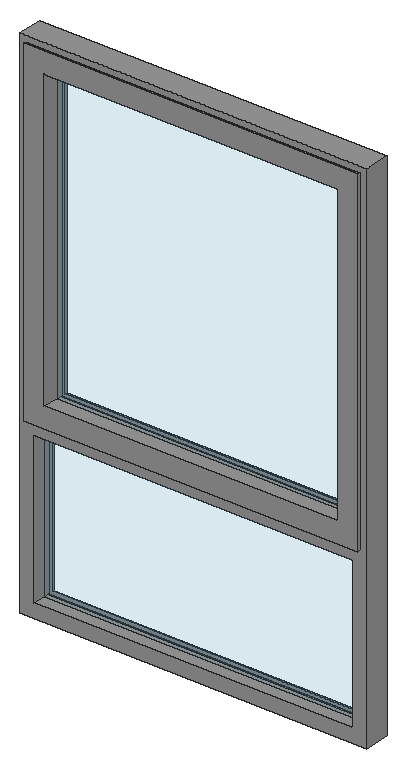
Revit family "Kawneer_Window_GT70s_Pos002", category Windows, host Wall, Revit 2020 (continued)
Definition of nested family "Kawneer_GT70s_Pos002"
  Definition of nested family "Kawneer_GT70s_Trans"
    Lines and regions (mm)
      model lines, in view "Ref. Level", detail levels fine
        curve 985: line (50.2, 33.921, 0) -> (50.2, 33.1, 0)
        curve 986: line (50, 32.9, 0) -> (49.119, 32.9, 0)
        curve 987: line (49.119, 32.9, 0) -> (47.958, 33.381, 0)
        curve 988: line (47.958, 33.381, 0) -> (47.073, 31.75, 0)
        curve 989: line (46.601, 32.655, 0) -> (46.136, 31.85, 0)
        curve 990: line (44.701, 30.609, 0) -> (44.701, 25.85, 0)
        curve 991: line (43.201, 24.35, 0) -> (24.701, 24.35, 0)
        curve 992: line (22.696, 7.636, 0) -> (25.084, 10.025, 0)
        curve 993: line (21.281, 7.138, 0) -> (20.076, 7.138, 0)
        curve 994: line (20.076, 7.138, 0) -> (20.92, 7.982, 0)
        curve 995: line (20.92, 7.982, 0) -> (21.281, 7.943, 0)
        curve 996: line (21.524, 8.586, 0) -> (22.629, 9.691, 0)
        curve 997: line (23.807, 10.869, 0) -> (25.718, 12.78, 0)
        curve 998: line (19.194, 8.378, 0) -> (20.662, 9.845, 0)
        curve 999: line (20.662, 9.845, 0) -> (21.897, 8.581, 0)
        curve 1000: line (21.897, 8.581, 0) -> (21.075, 8.593, 0)
        curve 1001: line (21.682, 10.865, 0) -> (22.41, 11.593, 0)
        curve 1002: line (22.41, 11.593, 0) -> (24.053, 13.237, 0)
        curve 1003: line (18.5, 7, 0) -> (21.219, 7.138, 0)
        curve 1004: line (21.219, 7.138, 0) -> (18.592, 9.897, 0)
        curve 1005: line (18.592, 9.897, 0) -> (18.773, 10.078, 0)
        curve 1006: line (19.771, 11.076, 0) -> (22.29, 13.595, 0)
        curve 1007: line (18.22, 11.645, 0) -> (21.385, 14.811, 0)
        curve 1008: line (19.085, 11.638, 0) -> (16.117, 11.665, 0)
        curve 1009: line (16.117, 11.665, 0) -> (21.612, 17.16, 0)
        curve 1010: line (16.893, 14.562, 0) -> (22.047, 19.715, 0)
        curve 1011: line (16.028, 11.899, 0) -> (17.915, 17.704, 0)
        curve 1012: line (17.915, 17.704, 0) -> (22.481, 22.271, 0)
        curve 1013: line (22.481, 22.271, 0) -> (24.385, 24.175, 0)
        curve 1014: line (19.268, 21.179, 0) -> (22.916, 24.827, 0)
        curve 1015: line (23.114, 25.025, 0) -> (24.385, 26.297, 0)
        curve 1016: line (24.385, 26.297, 0) -> (24.385, 23.344, 0)
        curve 1017: line (24.371, 23.077, 0) -> (22.873, 24.575, 0)
        curve 1018: line (22.873, 24.575, 0) -> (21.838, 25.87, 0)
        curve 1019: line (21.838, 25.87, 0) -> (23.339, 27.372, 0)
        curve 1020: line (22.373, 26.667, 0) -> (22.59, 26.98, 0)
        curve 1021: line (22.59, 26.98, 0) -> (24.385, 25.184, 0)
        curve 1022: line (20.929, 24.398, 0) -> (22.565, 22.762, 0)
        curve 1023: line (22.565, 22.762, 0) -> (23.701, 21.626, 0)
        curve 1024: line (20.173, 23.033, 0) -> (22.257, 20.949, 0)
        curve 1025: line (19.469, 21.616, 0) -> (21.948, 19.136, 0)
        curve 1026: line (18.82, 20.144, 0) -> (21.64, 17.323, 0)
        curve 1027: line (18.228, 18.614, 0) -> (21.332, 15.51, 0)
        curve 1028: line (21.332, 15.51, 0) -> (23.052, 25.63, 0)
        curve 1029: line (23.562, 13.28, 0) -> (24.499, 12.343, 0)
        curve 1030: line (24.499, 12.343, 0) -> (25.254, 11.588, 0)
        curve 1031: line (17.694, 17.026, 0) -> (22.938, 11.783, 0)
        curve 1032: line (22.938, 11.783, 0) -> (23.937, 10.784, 0)
        curve 1033: line (23.937, 10.784, 0) -> (25.339, 9.381, 0)
        curve 1034: line (17.174, 15.425, 0) -> (21.377, 11.223, 0)
        curve 1035: line (21.377, 11.223, 0) -> (22.425, 10.174, 0)
        curve 1036: line (22.425, 10.174, 0) -> (22.416, 10.607, 0)
        curve 1037: line (23.281, 9.318, 0) -> (24.539, 8.06, 0)
        curve 1038: line (19.752, 10.725, 0) -> (20.421, 10.057, 0)
        curve 1039: line (22.286, 8.192, 0) -> (23.077, 7.401, 0)
        curve 1040: line (16.133, 12.223, 0) -> (16.719, 11.638, 0)
        curve 1041: line (23.816, 10.607, 0) -> (23.816, 9.817, 0)
        curve 1042: line (22.916, 11.107, 0) -> (23.316, 11.107, 0)
        curve 1043: line (20.854, 11.107, 0) -> (21.254, 11.107, 0)
        curve 1044: line (21.754, 10.607, 0) -> (21.754, 10.307, 0)
        curve 1045: line (21.254, 9.807, 0) -> (20.854, 9.807, 0)
        curve 1046: line (20.354, 10.307, 0) -> (20.354, 10.607, 0)
        curve 1047: line (24.155, 7.425, 0) -> (25.475, 9.605, 0)
        curve 1048: line (25.475, 9.605, 0) -> (25.475, 9.927, 0)
        curve 1049: line (25.475, 9.927, 0) -> (24.781, 10.254, 0)
        curve 1050: line (24.692, 13.181, 0) -> (23.147, 13.316, 0)
        curve 1051: line (23.223, 25.578, 0) -> (22.47, 21.754, 0)
        curve 1052: line (19.132, 10.239, 0) -> (18.592, 9.996, 0)
        curve 1053: line (18.592, 9.996, 0) -> (18.592, 9.461, 0)
        curve 1054: line (18.592, 9.461, 0) -> (19.801, 7.288, 0)
        curve 1055: line (23.666, 7.281, 0) -> (23.898, 7.281, 0)
        curve 1056: line (74.287, 5.645, 0) -> (76.029, 7.386, 0)
        curve 1057: line (72.574, 6.053, 0) -> (73.145, 6.624, 0)
        curve 1058: line (75.029, 8.508, 0) -> (75.363, 8.842, 0)
        curve 1059: line (75.363, 8.842, 0) -> (75.929, 9.408, 0)
        curve 1060: line (75.929, 9.408, 0) -> (75.029, 10.224, 0)
        curve 1061: line (76.847, 10.325, 0) -> (77.934, 11.413, 0)
        curve 1062: line (72.023, 7.624, 0) -> (72.883, 8.483, 0)
        curve 1063: line (72.883, 8.483, 0) -> (73.17, 8.77, 0)
        curve 1064: line (73.691, 7.17, 0) -> (74.816, 8.315, 0)
        curve 1065: line (74.816, 8.315, 0) -> (73.801, 9.401, 0)
        curve 1066: line (73.801, 9.401, 0) -> (74.638, 10.238, 0)
        curve 1067: line (75.029, 10.629, 0) -> (76.029, 11.629, 0)
        curve 1068: line (72.023, 9.745, 0) -> (73.916, 11.638, 0)
        curve 1069: line (74.914, 12.46, 0) -> (76.035, 11.339, 0)
        curve 1070: line (76.035, 11.339, 0) -> (77.068, 10.306, 0)
        curve 1071: line (77.629, 9.745, 0) -> (78.438, 8.935, 0)
        curve 1072: line (73.381, 11.871, 0) -> (73.913, 11.339, 0)
        curve 1073: line (74.097, 11.155, 0) -> (74.71, 10.542, 0)
        curve 1074: line (77.446, 9.202, 0) -> (76.146, 9.088, 0)
        curve 1075: line (76.228, 9.025, 0) -> (76.965, 8.288, 0)
        curve 1076: line (76.229, 8.288, 0) -> (77.329, 8.288, 0)
        curve 1077: line (77.329, 8.288, 0) -> (77.407, 7.845, 0)
        curve 1078: line (77.407, 7.845, 0) -> (77.56, 7.692, 0)
        curve 1079: line (72.212, 10.919, 0) -> (72.848, 10.283, 0)
        curve 1080: line (75.029, 8.102, 0) -> (76.029, 7.102, 0)
        curve 1081: line (72.023, 8.986, 0) -> (72.893, 8.117, 0)
        curve 1082: line (72.893, 8.117, 0) -> (73.896, 7.113, 0)
        curve 1083: line (74.555, 6.455, 0) -> (75.293, 5.717, 0)
        curve 1084: line (72.093, 6.796, 0) -> (73.158, 5.731, 0)
        curve 1085: line (77.629, 9.401, 0) -> (77.629, 10.074, 0)
        curve 1086: line (77.446, 10.273, 0) -> (76.146, 10.387, 0)
        curve 1087: line (75.929, 10.188, 0) -> (75.929, 9.288, 0)
        curve 1088: line (72.829, 7.77, 0) -> (72.829, 7.261, 0)
        curve 1089: line (75.029, 6.675, 0) -> (75.029, 10.868, 0)
        curve 1090: line (76.029, 12.788, 0) -> (76.029, 11.388, 0)
        curve 1091: line (76.229, 11.188, 0) -> (77.329, 11.188, 0)
        curve 1092: line (77.329, 11.188, 0) -> (77.406, 11.622, 0)
        curve 1093: line (77.776, 11.688, 0) -> (78.529, 10.383, 0)
        curve 1094: line (78.529, 10.383, 0) -> (78.529, 9.092, 0)
        curve 1095: line (78.529, 9.092, 0) -> (77.776, 7.788, 0)
        curve 1096: line (76.029, 8.088, 0) -> (76.029, 6.088, 0)
        curve 1097: line (72.023, 7.261, 0) -> (72.023, 10.131, 0)
        curve 1098: line (4.488, 18.898, 0) -> (3.988, 19.019, 0)
        curve 1099: line (3.988, 19.019, 0) -> (5.988, 21.019, 0)
        curve 1100: line (2.055, 21.328, 0) -> (2.642, 21.915, 0)
        curve 1101: line (2.642, 21.915, 0) -> (3.185, 22.458, 0)
        curve 1102: line (4.088, 22.598, 0) -> (4.088, 23.361, 0)
        curve 1103: line (4.088, 23.361, 0) -> (5.988, 25.261, 0)
        curve 1104: line (4, 25.395, 0) -> (5.988, 27.383, 0)
        curve 1105: line (5.988, 27.383, 0) -> (5.988, 20.398, 0)
        curve 1106: line (3.84, 27.356, 0) -> (5.201, 28.717, 0)
        curve 1107: line (1.59, 27.227, 0) -> (4.229, 29.866, 0)
        curve 1108: line (0.044, 27.802, 0) -> (1.128, 28.887, 0)
        curve 1109: line (5.988, 26.511, 0) -> (2.366, 30.124, 0)
        curve 1110: line (2.366, 30.124, 0) -> (4.441, 32.199, 0)
        curve 1111: line (4.441, 32.207, 0) -> (3.338, 33.404, 0)
        curve 1112: line (3.267, 33.147, 0) -> (4.652, 34.532, 0)
        curve 1113: line (4.652, 34.532, 0) -> (4.19, 29.433, 0)
        curve 1114: line (3.923, 34.94, 0) -> (4.626, 34.238, 0)
        curve 1115: line (2.883, 31.738, 0) -> (4.273, 30.348, 0)
        curve 1116: line (1.356, 29.022, 0) -> (3.034, 27.344, 0)
        curve 1117: line (0.161, 28.096, 0) -> (1.071, 27.185, 0)
        curve 1118: line (1.488, 22.883, 0) -> (3.007, 24.402, 0)
        curve 1119: line (2.888, 24.398, 0) -> (3.826, 24.431, 0)
        curve 1120: line (3.826, 24.431, 0) -> (5.988, 22.268, 0)
        curve 1121: line (1.793, 24.342, 0) -> (2.646, 23.49, 0)
        curve 1122: line (2.646, 23.49, 0) -> (3.871, 23.597, 0)
        curve 1123: line (2.571, 22.512, 0) -> (3.724, 22.411, 0)
        curve 1124: line (3.724, 22.411, 0) -> (5.97, 20.165, 0)
        curve 1125: line (1.488, 22.526, 0) -> (2.825, 21.189, 0)
        curve 1126: line (3.988, 20.026, 0) -> (5.019, 18.995, 0)
        curve 1127: line (2.388, 23.284, 0) -> (2.388, 22.711, 0)
        curve 1128: line (3.688, 21.598, 0) -> (2.888, 21.598, 0)
        curve 1129: line (2.888, 21.598, 0) -> (2.788, 20.948, 0)
        curve 1130: line (2.788, 20.948, 0) -> (2.374, 20.948, 0)
        curve 1131: line (2.374, 20.948, 0) -> (1.488, 22.003, 0)
        curve 1132: line (1.488, 22.003, 0) -> (1.488, 23.974, 0)
        curve 1133: line (1.488, 23.974, 0) -> (2.076, 24.684, 0)
        curve 1134: line (3.988, 24.698, 0) -> (3.988, 27.097, 0)
        curve 1135: line (3.664, 27.396, 0) -> (-0.012, 27.098, 0)
        curve 1136: line (-0.012, 27.098, 0) -> (-0.012, 27.397, 0)
        curve 1137: line (2.612, 30.745, 0) -> (3.671, 34.628, 0)
        curve 1138: line (3.988, 18.898, 0) -> (3.988, 21.298, 0)
        curve 1139: line (80, 49.7, 0) -> (80, 63.5, 0)
        curve 1140: line (79.5, 64, 0) -> (40.6, 64, 0)
        curve 1141: line (40.1, 63.5, 0) -> (40.1, 62.2, 0)
        curve 1142: line (40.6, 61.7, 0) -> (41.1, 61.7, 0)
        curve 1143: line (42.1, 62.8, 0) -> (65.3, 62.8, 0)
        curve 1144: line (65.8, 62.3, 0) -> (65.8, 46.85, 0)
        curve 1145: line (65.459, 46.709, 0) -> (64.776, 47.391, 0)
        curve 1146: line (64.776, 47.391, 0) -> (64.4, 47.45, 0)
        curve 1147: line (64.2, 47.25, 0) -> (64.2, 46.784, 0)
        curve 1148: line (64.267, 46.534, 0) -> (65.208, 44.903, 0)
        curve 1149: line (66.9, 45.356, 0) -> (66.9, 61.744, 0)
        curve 1150: line (67.918, 62.744, 0) -> (77.08, 62.576, 0)
        curve 1151: line (78.5, 61.078, 0) -> (78.5, 52.933, 0)
        curve 1152: line (78.25, 52.5, 0) -> (75.6, 50.97, 0)
        curve 1153: line (74.6, 49.238, 0) -> (74.6, 46.559, 0)
        curve 1154: line (75.454, 46.205, 0) -> (76.012, 46.764, 0)
        curve 1155: line (75.8, 47.566, 0) -> (75.8, 49.123, 0)
        curve 1156: line (76.3, 49.989, 0) -> (78.05, 50.999, 0)
        curve 1157: line (78.8, 50.566, 0) -> (78.8, 49.4, 0)
        curve 1158: line (79, 49.2, 0) -> (79.5, 49.2, 0)
        curve 1159: line (7, 57.098, 0) -> (2.349, 61.749, 0)
        curve 1160: line (6.1, 60.119, 0) -> (4, 62.219, 0)
        curve 1161: line (6.852, 62.06, 0) -> (6.401, 61.939, 0)
        curve 1162: line (6.401, 61.939, 0) -> (4.505, 63.836, 0)
        curve 1163: line (7, 63.462, 0) -> (6.358, 64.104, 0)
        curve 1164: line (7, 62.902, 0) -> (2.349, 58.251, 0)
        curve 1165: line (6.1, 59.881, 0) -> (4, 57.781, 0)
        curve 1166: line (6.852, 57.94, 0) -> (6.401, 58.061, 0)
        curve 1167: line (6.401, 58.061, 0) -> (4.505, 56.164, 0)
        curve 1168: line (7, 56.538, 0) -> (6.358, 55.896, 0)
        curve 1169: line (2.585, 61.914, 0) -> (1.985, 61.494, 0)
        curve 1170: line (1.9, 61.33, 0) -> (1.9, 60.765, 0)
        curve 1171: line (2, 60.592, 0) -> (2.726, 60.173, 0)
        curve 1172: line (2.726, 59.827, 0) -> (2, 59.408, 0)
        curve 1173: line (1.9, 59.235, 0) -> (1.9, 58.67, 0)
        curve 1174: line (1.985, 58.506, 0) -> (2.585, 58.086, 0)
        curve 1175: line (4.183, 56.211, 0) -> (6.783, 55.835, 0)
        curve 1176: line (7, 56.034, 0) -> (7, 57.747, 0)
        curve 1177: line (6.1, 58.295, 0) -> (6.1, 61.706, 0)
        curve 1178: line (7, 62.253, 0) -> (7, 63.966, 0)
        curve 1179: line (6.783, 64.165, 0) -> (4.183, 63.789, 0)
        curve 1180: line (68.012, -9.764, 0) -> (67.454, -9.205, 0)
        curve 1181: line (66.6, -9.559, 0) -> (66.6, -12.238, 0)
        curve 1182: line (67.6, -13.97, 0) -> (70.25, -15.5, 0)
        curve 1183: line (70.5, -15.933, 0) -> (70.5, -24.078, 0)
        curve 1184: line (69.08, -25.576, 0) -> (59.918, -25.744, 0)
        curve 1185: line (58.9, -24.744, 0) -> (58.9, -8.356, 0)
        curve 1186: line (57.208, -7.903, 0) -> (56.267, -9.534, 0)
        curve 1187: line (56.2, -9.784, 0) -> (56.2, -10.25, 0)
        curve 1188: line (56.4, -10.45, 0) -> (56.634, -10.45, 0)
        curve 1189: line (56.634, -10.45, 0) -> (57.459, -9.709, 0)
        curve 1190: line (57.8, -9.85, 0) -> (57.8, -25.3, 0)
        curve 1191: line (57.3, -25.8, 0) -> (43.1, -25.8, 0)
        curve 1192: line (42.1, -24.7, 0) -> (41.6, -24.7, 0)
        curve 1193: line (41.1, -25.2, 0) -> (41.1, -26.5, 0)
        curve 1194: line (41.1, -26.5, 0) -> (37.362, -29.718, 0)
        curve 1195: line (41.6, -27, 0) -> (71.5, -27, 0)
        curve 1196: line (72, -26.5, 0) -> (72, -12.7, 0)
        curve 1197: line (71.5, -12.2, 0) -> (71, -12.2, 0)
        curve 1198: line (70.8, -12.4, 0) -> (70.8, -13.566, 0)
        curve 1199: line (70.05, -13.999, 0) -> (68.3, -12.989, 0)
        curve 1200: line (67.8, -12.123, 0) -> (67.8, -10.566, 0)
        curve 1201: line (7, -20.098, 0) -> (2.349, -24.749, 0)
        curve 1202: line (6.1, -23.119, 0) -> (4, -25.219, 0)
        curve 1203: line (6.852, -25.06, 0) -> (6.401, -24.939, 0)
        curve 1204: line (6.401, -24.939, 0) -> (4.505, -26.836, 0)
        curve 1205: line (7, -26.462, 0) -> (6.358, -27.104, 0)
        curve 1206: line (7, -25.902, 0) -> (2.349, -21.251, 0)
        curve 1207: line (6.1, -22.881, 0) -> (4, -20.781, 0)
        curve 1208: line (6.852, -20.94, 0) -> (6.401, -21.061, 0)
        curve 1209: line (6.401, -21.061, 0) -> (4.505, -19.164, 0)
        curve 1210: line (7, -19.538, 0) -> (6.358, -18.896, 0)
        curve 1211: line (2.585, -24.914, 0) -> (1.985, -24.494, 0)
        curve 1212: line (1.9, -24.33, 0) -> (1.9, -23.765, 0)
        curve 1213: line (2, -23.592, 0) -> (2.726, -23.173, 0)
        curve 1214: line (2.726, -22.827, 0) -> (2, -22.408, 0)
        curve 1215: line (1.9, -22.235, 0) -> (1.9, -21.67, 0)
        curve 1216: line (1.985, -21.506, 0) -> (2.585, -21.086, 0)
        curve 1217: line (4.183, -19.211, 0) -> (6.783, -18.835, 0)
        curve 1218: line (7, -19.034, 0) -> (7, -20.747, 0)
        curve 1219: line (6.1, -21.295, 0) -> (6.1, -24.706, 0)
        curve 1220: line (7, -25.253, 0) -> (7, -26.966, 0)
        curve 1221: line (6.783, -27.165, 0) -> (4.183, -26.789, 0)
        curve 1222: line (36.398, 55.73, 0) -> (34.995, 57.021, 0)
        curve 1223: line (34.995, 57.021, 0) -> (39.995, 61.669, 0)
        curve 1224: line (38.723, 57.834, 0) -> (36.703, 59.692, 0)
        curve 1225: line (40.534, 60.411, 0) -> (37.332, 63.357, 0)
        curve 1226: line (37.332, 63.357, 0) -> (35.81, 62.061, 0)
        curve 1227: line (36.82, 63.827, 0) -> (34.995, 65.507, 0)
        curve 1228: line (34.995, 65.507, 0) -> (36.378, 66.826, 0)
        curve 1229: line (39.995, 63.028, 0) -> (37.104, 65.687, 0)
        curve 1230: line (36.762, 66.002, 0) -> (35.066, 67.562, 0)
        curve 1231: line (41.123, 64.112, 0) -> (38.605, 66.428, 0)
        curve 1232: line (36.869, 67.278, 0) -> (36.547, 66.981, 0)
        curve 1233: line (38.356, 66.525, 0) -> (37.235, 65.494, 0)
        curve 1234: line (40.113, 66.02, 0) -> (38.248, 64.304, 0)
        curve 1235: line (41.724, 65.381, 0) -> (36.881, 60.925, 0)
        curve 1236: line (40.306, 59.833, 0) -> (35.161, 55.1, 0)
        curve 1237: line (36.386, -17.902, 0) -> (35.097, -19.105, 0)
        curve 1238: line (37.265, -19.202, 0) -> (35.602, -20.754, 0)
        curve 1239: line (38.496, -20.175, 0) -> (36.386, -22.144, 0)
        curve 1240: line (40.02, -20.874, 0) -> (37.207, -23.5, 0)
        curve 1241: line (39.817, -20.789, 0) -> (41.03, -22.052, 0)
        curve 1242: line (41.03, -22.052, 0) -> (35, -27.68, 0)
        curve 1243: line (36.743, -28.175, 0) -> (34.972, -29.828, 0)
        curve 1244: line (36.149, -30.851, 0) -> (35.973, -31.015, 0)
        curve 1245: line (42.438, -27.102, 0) -> (40.339, -29.061, 0)
        curve 1246: line (36.286, -30.222, 0) -> (34.972, -28.995, 0)
        curve 1247: line (37.845, -29.556, 0) -> (36.791, -28.571, 0)
        curve 1248: line (36.791, -28.571, 0) -> (35.122, -27.014, 0)
        curve 1249: line (39.681, -29.148, 0) -> (37.945, -27.527, 0)
        curve 1250: line (37.299, -26.925, 0) -> (35.881, -25.601, 0)
        curve 1251: line (41.579, -28.798, 0) -> (36.988, -24.513, 0)
        curve 1252: line (43.181, -28.172, 0) -> (42.067, -27.132, 0)
        curve 1253: line (40.972, -26.11, 0) -> (35.915, -21.39, 0)
        curve 1254: line (36.149, -17.366, 0) -> (35.973, -17.202, 0)
      detail lines, in view "Ref. Level", detail levels coarse+medium
        curve 1255: line (0, -27, 0) -> (0, 64, 0)
        curve 1256: line (0, 64, 0) -> (7, 64, 0)
        curve 1257: line (7, 64, 0) -> (7, 54.998, 0)
        curve 1258: line (7, 54.998, 0) -> (35, 54.998, 0)
        curve 1259: line (35, 54.998, 0) -> (35, 64, 0)
        curve 1260: line (35, 64, 0) -> (80, 64, 0)
        curve 1261: line (80, 64, 0) -> (80, 6, 0)
        curve 1262: line (80, 6, 0) -> (72, 6, 0)
        curve 1263: line (72, 6, 0) -> (72, -27, 0)
        curve 1264: line (72, -27, 0) -> (35, -27, 0)
        curve 1265: line (35, -27, 0) -> (35, -17, 0)
        curve 1266: line (35, -17, 0) -> (7, -17, 0)
        curve 1267: line (7, -17, 0) -> (7, -27, 0)
        curve 1268: line (7, -27, 0) -> (0, -27, 0)
  Definition of nested family "Kawneer_GT70s_Jamb2"
    Parameters (values of type "Jamb Open")
      Open [instance] = yes
    Reference planes
      plane 1 "Center (Front/Back)": y = 0
      plane 2: z = 0
      plane 3 "Center (Left/Right)": x = 0
      plane 4: x = -76
      plane 5: x = -66.998
      plane 6: y = -37
      plane 7: y = -72
      plane 8: y = -65
    Lines and regions (mm)
      model lines, in view "Ref. Level", detail levels fine
        curve 1: arc (-53.35, -39.499, 0) -> (-54.25, -40.399, 0) -> (-53.35, -41.299, 0) r 0.9
        curve 2: arc (-45.75, -39.1, 0) -> (-44.85, -38.2, 0) -> (-45.75, -37.3, 0) r 0.9
        curve 3: arc (-55.998, -63.169, 0) -> (-56.144, -62.816, 0) -> (-56.498, -62.669, 0) r 0.5
        curve 4: arc (-60.998, -62.169, 0) -> (-60.851, -62.523, 0) -> (-60.498, -62.669, 0) r 0.5
        curve 5: arc (-60.498, -51.169, 0) -> (-60.851, -51.316, 0) -> (-60.998, -51.669, 0) r 0.5
        curve 6: arc (-56.498, -51.169, 0) -> (-56.144, -51.023, 0) -> (-55.998, -50.669, 0) r 0.5
        curve 7: arc (-60.998, -48.669, 0) -> (-60.851, -49.023, 0) -> (-60.498, -49.169, 0) r 0.5
        curve 8: arc (-55.998, -49.669, 0) -> (-56.144, -49.316, 0) -> (-56.498, -49.169, 0) r 0.5
        curve 9: arc (-56.498, -14.169, 0) -> (-56.144, -14.023, 0) -> (-55.998, -13.669, 0) r 0.5
        curve 10: arc (-60.498, -14.169, 0) -> (-60.851, -14.316, 0) -> (-60.998, -14.669, 0) r 0.5
        curve 11: arc (-55.998, -10.169, 0) -> (-56.144, -9.816, 0) -> (-56.498, -9.669, 0) r 0.5
        curve 12: arc (-57.998, -9.669, 0) -> (-58.351, -9.816, 0) -> (-58.498, -10.169, 0) r 0.5
        curve 13: arc (-58.998, -12.169, 0) -> (-58.644, -12.023, 0) -> (-58.498, -11.669, 0) r 0.5
        curve 14: spline (-73.861, -35.939, 0) -> (-73.983, -36.099, 0) -> (-74.115, -36.249, 0) -> (-74.258, -36.387, 0) -> (-74.41, -36.512, 0) -> (-74.571, -36.625, 0) -> (-74.739, -36.724, 0) -> (-74.913, -36.809, 0) -> (-75.093, -36.879, 0) -> (-75.277, -36.934, 0) -> (-75.465, -36.973, 0) -> (-75.655, -36.997, 0) -> (-75.846, -37.005, 0)
        curve 15: spline (-73.658, -35.658, 0) -> (-73.512, -35.487, 0) -> (-73.345, -35.341, 0) -> (-73.161, -35.222, 0) -> (-72.964, -35.133, 0) -> (-72.756, -35.075, 0) -> (-72.543, -35.05, 0) -> (-72.329, -35.058, 0) -> (-72.119, -35.099, 0) -> (-71.916, -35.172, 0) -> (-71.724, -35.276, 0) -> (-71.548, -35.409, 0) -> (-71.391, -35.567, 0)
        curve 16: spline (-69.288, -37.005, 0) -> (-69.424, -37, 0) -> (-69.56, -36.985, 0) -> (-69.695, -36.96, 0) -> (-69.828, -36.924, 0) -> (-69.958, -36.879, 0) -> (-70.085, -36.825, 0) -> (-70.209, -36.761, 0) -> (-70.328, -36.688, 0) -> (-70.442, -36.607, 0) -> (-70.551, -36.517, 0) -> (-70.654, -36.419, 0) -> (-70.751, -36.314, 0)
        curve 17: spline (-67.369, -35.717, 0) -> (-67.231, -35.77, 0) -> (-67.11, -35.857, 0) -> (-67.012, -35.974, 0) -> (-66.942, -36.113, 0) -> (-66.905, -36.266, 0) -> (-66.904, -36.425, 0) -> (-66.937, -36.579, 0) -> (-67.004, -36.72, 0) -> (-67.1, -36.839, 0) -> (-67.219, -36.929, 0) -> (-67.355, -36.986, 0) -> (-67.5, -37.005, 0)
        curve 18: spline (-67.369, -35.717, 0) -> (-67.564, -35.662, 0) -> (-67.755, -35.592, 0) -> (-67.941, -35.509, 0) -> (-68.122, -35.413, 0) -> (-68.296, -35.304, 0) -> (-68.464, -35.182, 0) -> (-68.623, -35.048, 0) -> (-68.774, -34.903, 0) -> (-68.916, -34.747, 0) -> (-69.047, -34.582, 0) -> (-69.168, -34.407, 0) -> (-69.278, -34.223, 0)
        curve 19: spline (-70.387, -32.421, 0) -> (-70.289, -32.567, 0) -> (-70.192, -32.714, 0) -> (-70.096, -32.861, 0) -> (-70.001, -33.01, 0) -> (-69.907, -33.159, 0) -> (-69.814, -33.309, 0) -> (-69.722, -33.459, 0) -> (-69.631, -33.611, 0) -> (-69.541, -33.763, 0) -> (-69.453, -33.915, 0) -> (-69.365, -34.069, 0) -> (-69.278, -34.223, 0)
        curve 20: spline (-70.758, -32.12, 0) -> (-70.722, -32.135, 0) -> (-70.686, -32.153, 0) -> (-70.651, -32.172, 0) -> (-70.617, -32.193, 0) -> (-70.584, -32.216, 0) -> (-70.552, -32.241, 0) -> (-70.521, -32.267, 0) -> (-70.492, -32.295, 0) -> (-70.464, -32.324, 0) -> (-70.437, -32.355, 0) -> (-70.411, -32.388, 0) -> (-70.387, -32.421, 0)
        curve 21: spline (-72.918, -31.492, 0) -> (-72.907, -31.466, 0) -> (-72.893, -31.442, 0) -> (-72.877, -31.421, 0) -> (-72.858, -31.402, 0) -> (-72.837, -31.386, 0) -> (-72.814, -31.372, 0) -> (-72.79, -31.362, 0) -> (-72.765, -31.356, 0) -> (-72.739, -31.353, 0) -> (-72.713, -31.354, 0) -> (-72.688, -31.358, 0) -> (-72.663, -31.366, 0)
        curve 22: spline (-72.973, -31.825, 0) -> (-72.978, -31.85, 0) -> (-72.986, -31.874, 0) -> (-72.997, -31.896, 0) -> (-73.01, -31.918, 0) -> (-73.025, -31.937, 0) -> (-73.041, -31.954, 0) -> (-73.06, -31.969, 0) -> (-73.08, -31.982, 0) -> (-73.102, -31.992, 0) -> (-73.124, -31.999, 0) -> (-73.147, -32.004, 0) -> (-73.17, -32.005, 0)
        curve 23: spline (-75.332, -32.005, 0) -> (-75.443, -31.997, 0) -> (-75.552, -31.972, 0) -> (-75.656, -31.93, 0) -> (-75.755, -31.874, 0) -> (-75.845, -31.803, 0) -> (-75.925, -31.719, 0) -> (-75.994, -31.623, 0) -> (-76.05, -31.519, 0) -> (-76.092, -31.407, 0) -> (-76.119, -31.289, 0) -> (-76.131, -31.169, 0) -> (-76.127, -31.048, 0)
        curve 24: spline (-76.432, -29.319, 0) -> (-76.381, -29.296, 0) -> (-76.326, -29.284, 0) -> (-76.271, -29.284, 0) -> (-76.216, -29.294, 0) -> (-76.164, -29.315, 0) -> (-76.117, -29.347, 0) -> (-76.075, -29.387, 0) -> (-76.041, -29.435, 0) -> (-76.016, -29.489, 0) -> (-76.001, -29.547, 0) -> (-75.995, -29.607, 0) -> (-76, -29.667, 0)
        curve 25: spline (-77.481, -30.472, 0) -> (-77.421, -30.35, 0) -> (-77.356, -30.233, 0) -> (-77.285, -30.119, 0) -> (-77.209, -30.01, 0) -> (-77.127, -29.905, 0) -> (-77.041, -29.804, 0) -> (-76.95, -29.709, 0) -> (-76.854, -29.62, 0) -> (-76.754, -29.535, 0) -> (-76.651, -29.457, 0) -> (-76.543, -29.385, 0) -> (-76.432, -29.319, 0)
        curve 26: spline (-78.268, -32.832, 0) -> (-78.222, -32.629, 0) -> (-78.172, -32.426, 0) -> (-78.119, -32.225, 0) -> (-78.062, -32.024, 0) -> (-78.001, -31.825, 0) -> (-77.937, -31.627, 0) -> (-77.87, -31.431, 0) -> (-77.799, -31.236, 0) -> (-77.724, -31.042, 0) -> (-77.646, -30.85, 0) -> (-77.565, -30.66, 0) -> (-77.481, -30.472, 0)
        curve 27: spline (-78.268, -32.832, 0) -> (-78.31, -33.008, 0) -> (-78.358, -33.181, 0) -> (-78.413, -33.352, 0) -> (-78.475, -33.521, 0) -> (-78.543, -33.687, 0) -> (-78.617, -33.849, 0) -> (-78.697, -34.008, 0) -> (-78.784, -34.163, 0) -> (-78.876, -34.314, 0) -> (-78.974, -34.46, 0) -> (-79.078, -34.602, 0) -> (-79.186, -34.74, 0)
        curve 28: spline (-78.756, -35.44, 0) -> (-78.841, -35.462, 0) -> (-78.929, -35.463, 0) -> (-79.015, -35.443, 0) -> (-79.095, -35.403, 0) -> (-79.165, -35.345, 0) -> (-79.222, -35.272, 0) -> (-79.262, -35.187, 0) -> (-79.285, -35.095, 0) -> (-79.288, -34.999, 0) -> (-79.272, -34.905, 0) -> (-79.238, -34.817, 0) -> (-79.186, -34.74, 0)
        curve 29: spline (-76.522, -33.912, 0) -> (-76.682, -34.079, 0) -> (-76.847, -34.239, 0) -> (-77.018, -34.393, 0) -> (-77.194, -34.54, 0) -> (-77.375, -34.679, 0) -> (-77.56, -34.811, 0) -> (-77.75, -34.936, 0) -> (-77.944, -35.053, 0) -> (-78.142, -35.162, 0) -> (-78.343, -35.263, 0) -> (-78.548, -35.356, 0) -> (-78.756, -35.44, 0)
        curve 30: spline (-76.522, -33.912, 0) -> (-76.336, -33.768, 0) -> (-76.118, -33.696, 0) -> (-75.89, -33.705, 0) -> (-75.677, -33.792, 0) -> (-75.501, -33.95, 0) -> (-75.38, -34.16, 0) -> (-75.329, -34.402, 0) -> (-75.351, -34.648, 0) -> (-75.446, -34.874, 0) -> (-75.601, -35.055, 0) -> (-75.803, -35.171, 0) -> (-76.027, -35.212, 0)
        curve 31: spline (-79.154, -35.961, 0) -> (-79.067, -35.854, 0) -> (-78.973, -35.754, 0) -> (-78.873, -35.661, 0) -> (-78.768, -35.576, 0) -> (-78.657, -35.499, 0) -> (-78.542, -35.43, 0) -> (-78.423, -35.37, 0) -> (-78.3, -35.32, 0) -> (-78.174, -35.278, 0) -> (-78.046, -35.246, 0) -> (-77.916, -35.224, 0) -> (-77.785, -35.212, 0)
        curve 32: spline (-79.154, -35.961, 0) -> (-79.166, -35.976, 0) -> (-79.178, -35.99, 0) -> (-79.191, -36.004, 0) -> (-79.203, -36.018, 0) -> (-79.216, -36.032, 0) -> (-79.228, -36.046, 0) -> (-79.241, -36.059, 0) -> (-79.254, -36.073, 0) -> (-79.267, -36.086, 0) -> (-79.28, -36.1, 0) -> (-79.293, -36.113, 0) -> (-79.307, -36.126, 0)
        curve 33: spline (-79.611, -36.478, 0) -> (-79.588, -36.446, 0) -> (-79.564, -36.415, 0) -> (-79.541, -36.384, 0) -> (-79.516, -36.354, 0) -> (-79.491, -36.324, 0) -> (-79.466, -36.294, 0) -> (-79.441, -36.265, 0) -> (-79.415, -36.236, 0) -> (-79.388, -36.208, 0) -> (-79.361, -36.18, 0) -> (-79.334, -36.153, 0) -> (-79.307, -36.126, 0)
        curve 34: spline (-79.375, -37.005, 0) -> (-79.431, -36.999, 0) -> (-79.484, -36.983, 0) -> (-79.534, -36.955, 0) -> (-79.579, -36.919, 0) -> (-79.616, -36.873, 0) -> (-79.645, -36.822, 0) -> (-79.665, -36.765, 0) -> (-79.674, -36.705, 0) -> (-79.674, -36.644, 0) -> (-79.662, -36.585, 0) -> (-79.641, -36.529, 0) -> (-79.611, -36.478, 0)
        curve 35: arc (-15.5, -1.4, 0) -> (-15.641, -1.459, 0) -> (-15.7, -1.6, 0) r 0.2
        curve 36: arc (-15.9, -1.8, 0) -> (-15.759, -1.741, 0) -> (-15.7, -1.6, 0) r 0.2
        curve 37: arc (-17, -1.8, 0) -> (-17.141, -1.859, 0) -> (-17.2, -2, 0) r 0.2
        curve 38: arc (-17.4, -3.213, 0) -> (-17.259, -3.154, 0) -> (-17.2, -3.013, 0) r 0.2
        curve 39: arc (-17.4, -3.213, 0) -> (-17.541, -3.271, 0) -> (-17.6, -3.413, 0) r 0.2
        curve 40: arc (-17.6, -15.2, 0) -> (-17.541, -15.341, 0) -> (-17.4, -15.4, 0) r 0.2
        curve 41: arc (-17.2, -15.6, 0) -> (-17.259, -15.459, 0) -> (-17.4, -15.4, 0) r 0.2
        curve 42: arc (-17.2, -16.5, 0) -> (-17.141, -16.641, 0) -> (-17, -16.7, 0) r 0.2
        curve 43: arc (-16.1, -16.8, 0) -> (-16.173, -16.727, 0) -> (-16.273, -16.7, 0) r 0.2
        curve 44: arc (-16.1, -16.8, 0) -> (-16.027, -16.873, 0) -> (-15.927, -16.9, 0) r 0.2
        curve 45: arc (-8.073, -16.9, 0) -> (-7.973, -16.873, 0) -> (-7.9, -16.8, 0) r 0.2
        curve 46: arc (-7.727, -16.7, 0) -> (-7.827, -16.727, 0) -> (-7.9, -16.8, 0) r 0.2
        curve 47: arc (-7, -16.7, 0) -> (-6.859, -16.641, 0) -> (-6.8, -16.5, 0) r 0.2
        curve 48: arc (-6.6, -15.4, 0) -> (-6.741, -15.459, 0) -> (-6.8, -15.6, 0) r 0.2
        curve 49: arc (-6.6, -15.4, 0) -> (-6.459, -15.341, 0) -> (-6.4, -15.2, 0) r 0.2
        curve 50: arc (-6.4, -3.413, 0) -> (-6.459, -3.271, 0) -> (-6.6, -3.213, 0) r 0.2
        curve 51: arc (-6.8, -3.013, 0) -> (-6.741, -3.154, 0) -> (-6.6, -3.213, 0) r 0.2
        curve 52: arc (-6.8, -2, 0) -> (-6.859, -1.859, 0) -> (-7, -1.8, 0) r 0.2
        curve 53: arc (-8.3, -1.6, 0) -> (-8.241, -1.741, 0) -> (-8.1, -1.8, 0) r 0.2
        curve 54: arc (-8.3, -1.6, 0) -> (-8.359, -1.459, 0) -> (-8.5, -1.4, 0) r 0.2
        curve 55: arc (0, -0.5, 0) -> (-0.146, -0.146, 0) -> (-0.5, 0, 0) r 0.5
        curve 56: arc (-1.222, -4.184, 0) -> (-0.333, -3.447, 0) -> (0, -2.342, 0) r 2
        curve 57: arc (-1.5, -4, 0) -> (-1.411, -4.167, 0) -> (-1.222, -4.184, 0) r 0.2
        curve 58: arc (-1.5, -2.3, 0) -> (-1.646, -1.946, 0) -> (-2, -1.8, 0) r 0.5
        curve 59: arc (-4.5, -1.8, 0) -> (-4.854, -1.946, 0) -> (-5, -2.3, 0) r 0.5
        curve 60: arc (-5, -15.8, 0) -> (-4.854, -16.154, 0) -> (-4.5, -16.3, 0) r 0.5
        curve 61: arc (-2, -16.3, 0) -> (-1.646, -16.154, 0) -> (-1.5, -15.8, 0) r 0.5
        curve 62: arc (-1.212, -14.22, 0) -> (-1.406, -14.23, 0) -> (-1.5, -14.4, 0) r 0.2
        curve 63: arc (-0.2, -15.839, 0) -> (-0.474, -14.884, 0) -> (-1.212, -14.22, 0) r 1.8
        curve 64: arc (-1.2, -19.6, 0) -> (-0.493, -19.307, 0) -> (-0.2, -18.6, 0) r 1
        curve 65: arc (-1.5, -19.4, 0) -> (-1.441, -19.541, 0) -> (-1.3, -19.6, 0) r 0.2
        curve 66: arc (-1.5, -18.2, 0) -> (-1.559, -18.059, 0) -> (-1.7, -18, 0) r 0.2
        curve 67: arc (-4.3, -18, 0) -> (-4.795, -18.205, 0) -> (-5, -18.7, 0) r 0.7
        curve 68: arc (-5.45, -21.627, 0) -> (-5.15, -21.627, 0) -> (-5, -21.367, 0) r 0.3
        curve 69: arc (-7.027, -20.258, 0) -> (-7.288, -20.366, 0) -> (-7.18, -20.628, 0) r 0.2
        curve 70: arc (-6.413, -18.777, 0) -> (-6.432, -18.589, 0) -> (-6.598, -18.5, 0) r 0.2
        curve 71: arc (-10.2, -18.5, 0) -> (-10.341, -18.559, 0) -> (-10.4, -18.7, 0) r 0.2
        curve 72: arc (-9.584, -21, 0) -> (-9.384, -20.785, 0) -> (-9.614, -20.602, 0) r 0.2
        curve 73: arc (-11.49, -20.581, 0) -> (-10.754, -20.893, 0) -> (-9.961, -21, 0) r 3
        curve 74: arc (-11.49, -20.581, 0) -> (-12, -20.441, 0) -> (-12.51, -20.581, 0) r 1
        curve 75: arc (-14.039, -21, 0) -> (-13.246, -20.893, 0) -> (-12.51, -20.581, 0) r 3
        curve 76: arc (-14.381, -20.603, 0) -> (-14.615, -20.782, 0) -> (-14.416, -21, 0) r 0.2
        curve 77: arc (-13.6, -18.7, 0) -> (-13.659, -18.559, 0) -> (-13.8, -18.5, 0) r 0.2
        curve 78: arc (-17.402, -18.5, 0) -> (-17.568, -18.589, 0) -> (-17.587, -18.777, 0) r 0.2
        curve 79: arc (-16.82, -20.628, 0) -> (-16.712, -20.366, 0) -> (-16.973, -20.258, 0) r 0.2
        curve 80: arc (-19, -21.367, 0) -> (-18.85, -21.627, 0) -> (-18.55, -21.627, 0) r 0.3
        curve 81: arc (-19, -18.7, 0) -> (-19.205, -18.205, 0) -> (-19.7, -18, 0) r 0.7
        curve 82: arc (-22.3, -18, 0) -> (-22.441, -18.059, 0) -> (-22.5, -18.2, 0) r 0.2
        curve 83: arc (-22.7, -19.6, 0) -> (-22.559, -19.541, 0) -> (-22.5, -19.4, 0) r 0.2
        curve 84: arc (-23.8, -18.6, 0) -> (-23.507, -19.307, 0) -> (-22.8, -19.6, 0) r 1
        curve 85: arc (-22.788, -14.22, 0) -> (-23.526, -14.884, 0) -> (-23.8, -15.839, 0) r 1.8
        curve 86: arc (-22.5, -14.4, 0) -> (-22.594, -14.23, 0) -> (-22.788, -14.22, 0) r 0.2
        curve 87: arc (-22.5, -15.8, 0) -> (-22.354, -16.154, 0) -> (-22, -16.3, 0) r 0.5
        curve 88: arc (-19.5, -16.3, 0) -> (-19.146, -16.154, 0) -> (-19, -15.8, 0) r 0.5
        curve 89: arc (-19, -2.3, 0) -> (-19.146, -1.946, 0) -> (-19.5, -1.8, 0) r 0.5
        curve 90: arc (-22, -1.8, 0) -> (-22.354, -1.946, 0) -> (-22.5, -2.3, 0) r 0.5
        curve 91: arc (-22.778, -4.184, 0) -> (-22.589, -4.167, 0) -> (-22.5, -4, 0) r 0.2
        curve 92: arc (-24, -2.342, 0) -> (-23.667, -3.447, 0) -> (-22.778, -4.184, 0) r 2
        curve 93: arc (-23.5, 0, 0) -> (-23.854, -0.146, 0) -> (-24, -0.5, 0) r 0.5
        curve 94: arc (-15.85, -34.9, 0) -> (-15.674, -35.324, 0) -> (-15.25, -35.5, 0) r 0.6
        curve 95: arc (-15.25, -34.3, 0) -> (-15.674, -34.476, 0) -> (-15.85, -34.9, 0) r 0.6
        curve 96: arc (-6.964, -34.3, 0) -> (-6.608, -34.151, 0) -> (-6.464, -33.794, 0) r 0.5
        curve 97: arc (-6.464, -33.794, 0) -> (-6.545, -30.287, 0) -> (-6.697, -26.783, 0) r 172.05
        curve 98: arc (-6.697, -26.783, 0) -> (-6.905, -25.843, 0) -> (-7.395, -25.015, 0) r 3.049
        curve 99: arc (-9.481, -21.437, 0) -> (-9.328, -22.473, 0) -> (-8.779, -23.365, 0) r 2.599
        curve 100: arc (-9.481, -20.971, 0) -> (-9.498, -20.844, 0) -> (-9.548, -20.726, 0) r 0.5
        curve 101: arc (-10.2, -18.5, 0) -> (-10.341, -18.559, 0) -> (-10.4, -18.7, 0) r 0.2
        curve 102: arc (-8.92, -18.95, 0) -> (-8.92, -18.65, 0) -> (-9.179, -18.5, 0) r 0.3
        curve 103: arc (-8.92, -18.95, 0) -> (-8.4, -19.85, 0) -> (-7.88, -18.95, 0) r 0.6
        curve 104: arc (-7.621, -18.5, 0) -> (-7.88, -18.65, 0) -> (-7.88, -18.95, 0) r 0.3
        curve 105: arc (-6.6, -18.7, 0) -> (-6.659, -18.559, 0) -> (-6.8, -18.5, 0) r 0.2
        curve 106: arc (-7.103, -20.871, 0) -> (-6.886, -21.58, 0) -> (-6.355, -22.099, 0) r 1.5
        curve 107: arc (-5.05, -23.43, 0) -> (-5.184, -22.93, 0) -> (-5.55, -22.564, 0) r 1
        curve 108: arc (-5.55, -49.436, 0) -> (-5.184, -49.07, 0) -> (-5.05, -48.57, 0) r 1
        curve 109: arc (-6.355, -49.901, 0) -> (-6.886, -50.42, 0) -> (-7.103, -51.129, 0) r 1.5
        curve 110: arc (-6.8, -53.5, 0) -> (-6.659, -53.441, 0) -> (-6.6, -53.3, 0) r 0.2
        curve 111: arc (-7.88, -53.05, 0) -> (-7.88, -53.35, 0) -> (-7.621, -53.5, 0) r 0.3
        curve 112: arc (-7.88, -53.05, 0) -> (-8.4, -52.15, 0) -> (-8.92, -53.05, 0) r 0.6
        curve 113: arc (-9.179, -53.5, 0) -> (-8.92, -53.35, 0) -> (-8.92, -53.05, 0) r 0.3
        curve 114: arc (-10.4, -53.3, 0) -> (-10.341, -53.441, 0) -> (-10.2, -53.5, 0) r 0.2
        curve 115: arc (-9.548, -51.274, 0) -> (-9.498, -51.153, 0) -> (-9.481, -51.024, 0) r 0.5
        curve 116: arc (-8.78, -48.636, 0) -> (-9.301, -49.539, 0) -> (-9.481, -50.566, 0) r 2.996
        curve 117: arc (-7.395, -46.986, 0) -> (-6.902, -46.158, 0) -> (-6.697, -45.216, 0) r 3.002
        curve 118: arc (-6.697, -45.216, 0) -> (-6.512, -40.61, 0) -> (-6.45, -36, 0) r 172.47
        curve 119: arc (-6.45, -36, 0) -> (-6.596, -35.646, 0) -> (-6.95, -35.5, 0) r 0.5
        curve 120: arc (-7.55, -37.1, 0) -> (-7.726, -36.676, 0) -> (-8.15, -36.5, 0) r 0.6
        curve 121: arc (-8.15, -37.7, 0) -> (-7.726, -37.524, 0) -> (-7.55, -37.1, 0) r 0.6
        curve 122: arc (-17.036, -37.7, 0) -> (-17.392, -37.849, 0) -> (-17.536, -38.206, 0) r 0.5
        curve 123: arc (-17.536, -38.206, 0) -> (-17.455, -41.713, 0) -> (-17.303, -45.217, 0) r 172.05
        curve 124: arc (-17.303, -45.217, 0) -> (-17.095, -46.157, 0) -> (-16.605, -46.985, 0) r 3.049
        curve 125: arc (-14.519, -50.563, 0) -> (-14.672, -49.527, 0) -> (-15.221, -48.635, 0) r 2.599
        curve 126: arc (-14.519, -51.029, 0) -> (-14.502, -51.156, 0) -> (-14.452, -51.274, 0) r 0.5
        curve 127: arc (-13.8, -53.5, 0) -> (-13.659, -53.441, 0) -> (-13.6, -53.3, 0) r 0.2
        curve 128: arc (-15.08, -53.05, 0) -> (-15.08, -53.35, 0) -> (-14.821, -53.5, 0) r 0.3
        curve 129: arc (-15.08, -53.05, 0) -> (-15.6, -52.15, 0) -> (-16.12, -53.05, 0) r 0.6
        curve 130: arc (-16.379, -53.5, 0) -> (-16.12, -53.35, 0) -> (-16.12, -53.05, 0) r 0.3
        curve 131: arc (-17.4, -53.3, 0) -> (-17.341, -53.441, 0) -> (-17.2, -53.5, 0) r 0.2
        curve 132: arc (-16.897, -51.129, 0) -> (-17.114, -50.42, 0) -> (-17.645, -49.901, 0) r 1.5
        curve 133: arc (-18.95, -48.57, 0) -> (-18.816, -49.07, 0) -> (-18.45, -49.436, 0) r 1
        curve 134: arc (-18.95, -46.5, 0) -> (-19.093, -46.143, 0) -> (-19.45, -46, 0) r 0.49
        curve 135: arc (-22.15, -46, 0) -> (-22.362, -46.088, 0) -> (-22.45, -46.3, 0) r 0.3
        curve 136: arc (-22.95, -47.4, 0) -> (-22.596, -47.254, 0) -> (-22.45, -46.9, 0) r 0.5
        curve 137: arc (-23.45, -46.9, 0) -> (-23.304, -47.254, 0) -> (-22.95, -47.4, 0) r 0.5
        curve 138: arc (-22.95, -43.4, 0) -> (-23.303, -43.547, 0) -> (-23.45, -43.9, 0) r 0.502
        curve 139: arc (-22.45, -43.9, 0) -> (-22.596, -43.546, 0) -> (-22.95, -43.4, 0) r 0.5
        curve 140: arc (-22.45, -44.5, 0) -> (-22.362, -44.712, 0) -> (-22.15, -44.8, 0) r 0.3
        curve 141: arc (-19.45, -44.8, 0) -> (-19.096, -44.654, 0) -> (-18.95, -44.3, 0) r 0.5
        curve 142: arc (-18.45, -22.564, 0) -> (-18.816, -22.93, 0) -> (-18.95, -23.43, 0) r 1
        curve 143: arc (-17.645, -22.099, 0) -> (-17.114, -21.58, 0) -> (-16.897, -20.871, 0) r 1.5
        curve 144: arc (-17.2, -18.5, 0) -> (-17.341, -18.559, 0) -> (-17.4, -18.7, 0) r 0.2
        curve 145: arc (-16.12, -18.95, 0) -> (-16.12, -18.65, 0) -> (-16.379, -18.5, 0) r 0.3
        curve 146: arc (-16.12, -18.95, 0) -> (-15.6, -19.85, 0) -> (-15.08, -18.95, 0) r 0.6
        curve 147: arc (-14.821, -18.5, 0) -> (-15.08, -18.65, 0) -> (-15.08, -18.95, 0) r 0.3
        curve 148: arc (-13.6, -18.7, 0) -> (-13.659, -18.559, 0) -> (-13.8, -18.5, 0) r 0.2
        curve 149: arc (-14.452, -20.726, 0) -> (-14.502, -20.844, 0) -> (-14.519, -20.971, 0) r 0.5
        curve 150: arc (-15.22, -23.364, 0) -> (-14.7, -22.462, 0) -> (-14.519, -21.437, 0) r 2.996
        curve 151: arc (-16.605, -25.014, 0) -> (-17.098, -25.842, 0) -> (-17.303, -26.784, 0) r 3.002
        curve 152: arc (-17.303, -26.784, 0) -> (-17.488, -31.39, 0) -> (-17.55, -36, 0) r 172.47
        curve 153: arc (-17.55, -36, 0) -> (-17.404, -36.354, 0) -> (-17.05, -36.5, 0) r 0.5
        curve 154: arc (-8.5, -70.6, 0) -> (-8.359, -70.541, 0) -> (-8.3, -70.4, 0) r 0.2
        curve 155: arc (-8.1, -70.2, 0) -> (-8.241, -70.259, 0) -> (-8.3, -70.4, 0) r 0.2
        curve 156: arc (-7, -70.2, 0) -> (-6.859, -70.141, 0) -> (-6.8, -70, 0) r 0.2
        curve 157: arc (-6.6, -68.7, 0) -> (-6.741, -68.759, 0) -> (-6.8, -68.9, 0) r 0.2
        curve 158: arc (-6.6, -68.7, 0) -> (-6.459, -68.641, 0) -> (-6.4, -68.5, 0) r 0.2
        curve 159: arc (-6.4, -57, 0) -> (-6.459, -56.859, 0) -> (-6.6, -56.8, 0) r 0.2
        curve 160: arc (-6.8, -56.6, 0) -> (-6.741, -56.741, 0) -> (-6.6, -56.8, 0) r 0.2
        curve 161: arc (-6.8, -55.5, 0) -> (-6.859, -55.359, 0) -> (-7, -55.3, 0) r 0.2
        curve 162: arc (-8.273, -55.2, 0) -> (-8.2, -55.273, 0) -> (-8.1, -55.3, 0) r 0.2
        curve 163: arc (-8.273, -55.2, 0) -> (-8.346, -55.127, 0) -> (-8.446, -55.1, 0) r 0.2
        curve 164: arc (-15.554, -55.1, 0) -> (-15.654, -55.127, 0) -> (-15.727, -55.2, 0) r 0.2
        curve 165: arc (-15.9, -55.3, 0) -> (-15.8, -55.273, 0) -> (-15.727, -55.2, 0) r 0.2
        curve 166: arc (-17, -55.3, 0) -> (-17.141, -55.359, 0) -> (-17.2, -55.5, 0) r 0.2
        curve 167: arc (-17.4, -56.8, 0) -> (-17.259, -56.741, 0) -> (-17.2, -56.6, 0) r 0.2
        curve 168: arc (-17.4, -56.8, 0) -> (-17.541, -56.859, 0) -> (-17.6, -57, 0) r 0.2
        curve 169: arc (-17.6, -68.5, 0) -> (-17.541, -68.641, 0) -> (-17.4, -68.7, 0) r 0.2
        curve 170: arc (-17.2, -68.9, 0) -> (-17.259, -68.759, 0) -> (-17.4, -68.7, 0) r 0.2
        curve 171: arc (-17.2, -70, 0) -> (-17.141, -70.141, 0) -> (-17, -70.2, 0) r 0.2
        curve 172: arc (-15.7, -70.4, 0) -> (-15.759, -70.259, 0) -> (-15.9, -70.2, 0) r 0.2
        curve 173: arc (-15.7, -70.4, 0) -> (-15.641, -70.541, 0) -> (-15.5, -70.6, 0) r 0.2
        curve 174: arc (-39, -71.5, 0) -> (-38.854, -71.854, 0) -> (-38.5, -72, 0) r 0.5
        curve 175: arc (-38.5, -68, 0) -> (-38.854, -68.146, 0) -> (-39, -68.5, 0) r 0.5
        curve 176: arc (-36.5, -68.5, 0) -> (-36.646, -68.146, 0) -> (-37, -68, 0) r 0.5
        curve 177: arc (-36.7, -69, 0) -> (-36.559, -68.941, 0) -> (-36.5, -68.8, 0) r 0.2
        curve 178: arc (-37.3, -69, 0) -> (-37.654, -69.146, 0) -> (-37.8, -69.5, 0) r 0.5
        curve 179: arc (-37.8, -70.1, 0) -> (-37.654, -70.454, 0) -> (-37.3, -70.6, 0) r 0.5
        curve 180: arc (-32.7, -70.6, 0) -> (-32.346, -70.454, 0) -> (-32.2, -70.1, 0) r 0.5
        curve 181: arc (-32.2, -69.5, 0) -> (-32.346, -69.146, 0) -> (-32.7, -69, 0) r 0.5
        curve 182: arc (-33.5, -68.8, 0) -> (-33.441, -68.941, 0) -> (-33.3, -69, 0) r 0.2
        curve 183: arc (-33, -68, 0) -> (-33.354, -68.146, 0) -> (-33.5, -68.5, 0) r 0.5
        curve 184: arc (-29.9, -68.8, 0) -> (-29.5, -68.4, 0) -> (-29.9, -68, 0) r 0.4
        curve 185: arc (-30.8, -68.8, 0) -> (-30.941, -68.859, 0) -> (-31, -69, 0) r 0.2
        curve 186: arc (-31, -69.9, 0) -> (-30.854, -70.254, 0) -> (-30.5, -70.4, 0) r 0.5
        curve 187: arc (-19.489, -70.211, 0) -> (-19.143, -70.061, 0) -> (-19, -69.711, 0) r 0.5
        curve 188: arc (-19, -56.2, 0) -> (-19.146, -55.846, 0) -> (-19.5, -55.7, 0) r 0.5
        curve 189: arc (-22.3, -55.7, 0) -> (-22.441, -55.759, 0) -> (-22.5, -55.9, 0) r 0.2
        curve 190: arc (-22.7, -57.294, 0) -> (-22.559, -57.235, 0) -> (-22.5, -57.094, 0) r 0.2
        curve 191: arc (-23.5, -56.494, 0) -> (-23.266, -57.059, 0) -> (-22.7, -57.294, 0) r 0.8
        curve 192: arc (-22.5, -53.3, 0) -> (-23, -52.8, 0) -> (-23.5, -53.3, 0) r 0.5
        curve 193: arc (-22.5, -53.9, 0) -> (-22.412, -54.112, 0) -> (-22.2, -54.2, 0) r 0.3
        curve 194: arc (-19.7, -54.2, 0) -> (-19.205, -53.995, 0) -> (-19, -53.5, 0) r 0.7
        curve 195: arc (-18.55, -50.373, 0) -> (-18.85, -50.373, 0) -> (-19, -50.633, 0) r 0.3
        curve 196: arc (-16.973, -51.742, 0) -> (-16.712, -51.634, 0) -> (-16.82, -51.372, 0) r 0.2
        curve 197: arc (-17.587, -53.223, 0) -> (-17.568, -53.411, 0) -> (-17.402, -53.5, 0) r 0.2
        curve 198: arc (-13.8, -53.5, 0) -> (-13.659, -53.441, 0) -> (-13.6, -53.3, 0) r 0.2
        curve 199: arc (-14.416, -51, 0) -> (-14.615, -51.218, 0) -> (-14.381, -51.397, 0) r 0.2
        curve 200: arc (-12.51, -51.419, 0) -> (-13.246, -51.107, 0) -> (-14.039, -51, 0) r 3
        curve 201: arc (-12.51, -51.419, 0) -> (-12, -51.559, 0) -> (-11.49, -51.419, 0) r 1
        curve 202: arc (-9.961, -51, 0) -> (-10.754, -51.107, 0) -> (-11.49, -51.419, 0) r 3
        curve 203: arc (-9.618, -51.397, 0) -> (-9.385, -51.217, 0) -> (-9.584, -51, 0) r 0.2
        curve 204: arc (-10.4, -53.3, 0) -> (-10.341, -53.441, 0) -> (-10.2, -53.5, 0) r 0.2
        curve 205: arc (-6.598, -53.5, 0) -> (-6.432, -53.411, 0) -> (-6.413, -53.223, 0) r 0.2
        curve 206: arc (-7.18, -51.372, 0) -> (-7.288, -51.634, 0) -> (-7.027, -51.742, 0) r 0.2
        curve 207: arc (-5, -50.633, 0) -> (-5.15, -50.373, 0) -> (-5.45, -50.373, 0) r 0.3
        curve 208: arc (-5, -53.3, 0) -> (-4.795, -53.795, 0) -> (-4.3, -54, 0) r 0.7
        curve 209: arc (-1.7, -54, 0) -> (-1.559, -53.941, 0) -> (-1.5, -53.8, 0) r 0.2
        curve 210: arc (-1.3, -52.4, 0) -> (-1.441, -52.459, 0) -> (-1.5, -52.6, 0) r 0.2
        curve 211: arc (-0.2, -53.4, 0) -> (-0.493, -52.693, 0) -> (-1.2, -52.4, 0) r 1
        curve 212: arc (-1.212, -57.78, 0) -> (-0.474, -57.116, 0) -> (-0.2, -56.161, 0) r 1.8
        curve 213: arc (-1.5, -57.6, 0) -> (-1.406, -57.77, 0) -> (-1.212, -57.78, 0) r 0.2
        curve 214: arc (-1.5, -56.2, 0) -> (-1.646, -55.846, 0) -> (-2, -55.7, 0) r 0.5
        curve 215: arc (-4.5, -55.7, 0) -> (-4.854, -55.846, 0) -> (-5, -56.2, 0) r 0.5
        curve 216: arc (-5, -69.7, 0) -> (-4.854, -70.054, 0) -> (-4.5, -70.2, 0) r 0.5
        curve 217: arc (-2, -70.2, 0) -> (-1.646, -70.054, 0) -> (-1.5, -69.7, 0) r 0.5
        curve 218: arc (-1.222, -67.816, 0) -> (-1.411, -67.833, 0) -> (-1.5, -68, 0) r 0.2
        curve 219: arc (0, -69.658, 0) -> (-0.333, -68.553, 0) -> (-1.222, -67.816, 0) r 2
        curve 220: arc (-0.5, -72, 0) -> (-0.146, -71.854, 0) -> (0, -71.5, 0) r 0.5
        curve 221: arc (-55.45, -25.869, 0) -> (-55.816, -26.235, 0) -> (-55.95, -26.735, 0) r 1
        curve 222: arc (-54.645, -25.404, 0) -> (-54.114, -24.885, 0) -> (-53.897, -24.176, 0) r 1.5
        curve 223: arc (-54.2, -21.805, 0) -> (-54.341, -21.864, 0) -> (-54.4, -22.005, 0) r 0.2
        curve 224: arc (-53.12, -22.255, 0) -> (-53.12, -21.955, 0) -> (-53.379, -21.805, 0) r 0.3
        curve 225: arc (-53.12, -22.255, 0) -> (-52.6, -23.155, 0) -> (-52.08, -22.255, 0) r 0.6
        curve 226: arc (-51.821, -21.805, 0) -> (-52.08, -21.955, 0) -> (-52.08, -22.255, 0) r 0.3
        curve 227: arc (-50.6, -22.005, 0) -> (-50.659, -21.864, 0) -> (-50.8, -21.805, 0) r 0.2
        curve 228: arc (-51.452, -24.031, 0) -> (-51.501, -24.147, 0) -> (-51.519, -24.271, 0) r 0.5
        curve 229: arc (-52.221, -26.67, 0) -> (-51.672, -25.778, 0) -> (-51.519, -24.742, 0) r 2.599
        curve 230: arc (-53.605, -28.32, 0) -> (-54.095, -29.148, 0) -> (-54.303, -30.088, 0) r 3.049
        curve 231: arc (-54.303, -30.088, 0) -> (-54.455, -33.592, 0) -> (-54.536, -37.099, 0) r 172.05
        curve 232: arc (-54.536, -37.099, 0) -> (-54.392, -37.456, 0) -> (-54.036, -37.605, 0) r 0.5
        curve 233: arc (-45.15, -38.205, 0) -> (-45.326, -37.781, 0) -> (-45.75, -37.605, 0) r 0.6
        curve 234: arc (-45.75, -38.805, 0) -> (-45.326, -38.629, 0) -> (-45.15, -38.205, 0) r 0.6
        curve 235: arc (-54.05, -38.805, 0) -> (-54.404, -38.951, 0) -> (-54.55, -39.305, 0) r 0.5
        curve 236: arc (-54.55, -39.305, 0) -> (-54.488, -43.915, 0) -> (-54.303, -48.521, 0) r 172.47
        curve 237: arc (-54.303, -48.521, 0) -> (-54.098, -49.463, 0) -> (-53.605, -50.291, 0) r 3.002
        curve 238: arc (-51.519, -53.867, 0) -> (-51.7, -52.842, 0) -> (-52.22, -51.941, 0) r 2.996
        curve 239: arc (-51.519, -54.329, 0) -> (-51.502, -54.458, 0) -> (-51.452, -54.579, 0) r 0.5
        curve 240: arc (-50.8, -56.805, 0) -> (-50.659, -56.746, 0) -> (-50.6, -56.605, 0) r 0.2
        curve 241: arc (-52.08, -56.355, 0) -> (-52.08, -56.655, 0) -> (-51.821, -56.805, 0) r 0.3
        curve 242: arc (-52.08, -56.355, 0) -> (-52.6, -55.455, 0) -> (-53.12, -56.355, 0) r 0.6
        curve 243: arc (-53.379, -56.805, 0) -> (-53.12, -56.655, 0) -> (-53.12, -56.355, 0) r 0.3
        curve 244: arc (-54.4, -56.605, 0) -> (-54.341, -56.746, 0) -> (-54.2, -56.805, 0) r 0.2
        curve 245: arc (-53.897, -54.434, 0) -> (-54.114, -53.725, 0) -> (-54.645, -53.206, 0) r 1.5
        curve 246: arc (-55.95, -51.875, 0) -> (-55.816, -52.375, 0) -> (-55.45, -52.741, 0) r 1
        curve 247: arc (-41.8, 6.3, 0) -> (-41.859, 6.441, 0) -> (-42, 6.5, 0) r 0.2
        curve 248: arc (-54, 6.5, 0) -> (-54.141, 6.441, 0) -> (-54.2, 6.3, 0) r 0.2
        curve 249: arc (-54.35, 4.994, 0) -> (-54.458, 4.922, 0) -> (-54.5, 4.8, 0) r 0.2
        curve 250: arc (-54.5, -18.313, 0) -> (-54.458, -18.435, 0) -> (-54.35, -18.506, 0) r 0.2
        curve 251: arc (-54.2, -18.7, 0) -> (-54.242, -18.578, 0) -> (-54.35, -18.506, 0) r 0.2
        curve 252: arc (-54.2, -19.8, 0) -> (-54.141, -19.941, 0) -> (-54, -20, 0) r 0.2
        curve 253: arc (-52.7, -20.1, 0) -> (-52.773, -20.027, 0) -> (-52.873, -20, 0) r 0.2
        curve 254: arc (-52.7, -20.1, 0) -> (-52.627, -20.173, 0) -> (-52.527, -20.2, 0) r 0.2
        curve 255: arc (-43.973, -20.2, 0) -> (-43.873, -20.173, 0) -> (-43.8, -20.1, 0) r 0.2
        curve 256: arc (-43.627, -20, 0) -> (-43.727, -20.027, 0) -> (-43.8, -20.1, 0) r 0.2
        curve 257: arc (-42, -20, 0) -> (-41.859, -19.941, 0) -> (-41.8, -19.8, 0) r 0.2
        curve 258: arc (-18, 6, 0) -> (-18.586, 7.414, 0) -> (-20, 8, 0) r 2
        curve 259: arc (-18.5, 4, 0) -> (-18.146, 4.146, 0) -> (-18, 4.5, 0) r 0.5
        curve 260: arc (-20.4, 4.5, 0) -> (-20.254, 4.146, 0) -> (-19.9, 4, 0) r 0.5
        curve 261: arc (-20.2, 5, 0) -> (-20.341, 4.941, 0) -> (-20.4, 4.8, 0) r 0.2
        curve 262: arc (-19.7, 5, 0) -> (-19.346, 5.146, 0) -> (-19.2, 5.5, 0) r 0.5
        curve 263: arc (-19.2, 6.1, 0) -> (-19.346, 6.454, 0) -> (-19.7, 6.6, 0) r 0.5
        curve 264: arc (-23.8, 6.6, 0) -> (-24.154, 6.454, 0) -> (-24.3, 6.1, 0) r 0.5
        curve 265: arc (-24.3, 5.5, 0) -> (-24.154, 5.146, 0) -> (-23.8, 5, 0) r 0.5
        curve 266: arc (-23.3, 4.8, 0) -> (-23.359, 4.941, 0) -> (-23.5, 5, 0) r 0.2
        curve 267: arc (-23.8, 4, 0) -> (-23.446, 4.146, 0) -> (-23.3, 4.5, 0) r 0.5
        curve 268: arc (-25.1, 4.5, 0) -> (-24.954, 4.146, 0) -> (-24.6, 4, 0) r 0.5
        curve 269: arc (-25.1, 5.7, 0) -> (-25.246, 6.054, 0) -> (-25.6, 6.2, 0) r 0.5
        curve 270: arc (-38.5, 6.2, 0) -> (-39.561, 5.761, 0) -> (-40, 4.7, 0) r 1.5
        curve 271: arc (-40, 2.5, 0) -> (-39.854, 2.146, 0) -> (-39.5, 2, 0) r 0.5
        curve 272: arc (-35.5, 1.5, 0) -> (-35.646, 1.854, 0) -> (-36, 2, 0) r 0.5
        curve 273: arc (-36, -2.5, 0) -> (-35.646, -2.354, 0) -> (-35.5, -2, 0) r 0.5
        curve 274: arc (-37, -2, 0) -> (-36.854, -2.354, 0) -> (-36.5, -2.5, 0) r 0.5
        curve 275: arc (-37, -0.5, 0) -> (-37.146, -0.146, 0) -> (-37.5, 0, 0) r 0.5
        curve 276: arc (-39.74, 0.154, 0) -> (-39.485, 0.039, 0) -> (-39.207, 0, 0) r 1
        curve 277: arc (-39.74, 0.154, 0) -> (-40.112, 0.112, 0) -> (-40.154, -0.26, 0) r 0.3
        curve 278: arc (-40, -0.793, 0) -> (-40.039, -0.515, 0) -> (-40.154, -0.26, 0) r 1
        curve 279: arc (-40.154, -19.74, 0) -> (-40.039, -19.485, 0) -> (-40, -19.207, 0) r 1
        curve 280: arc (-40.154, -19.74, 0) -> (-40.112, -20.112, 0) -> (-39.74, -20.154, 0) r 0.3
        curve 281: arc (-39.207, -20, 0) -> (-39.485, -20.039, 0) -> (-39.74, -20.154, 0) r 1
        curve 282: arc (-37.5, -20, 0) -> (-37.146, -19.854, 0) -> (-37, -19.5, 0) r 0.5
        curve 283: arc (-36.5, -17.5, 0) -> (-36.854, -17.646, 0) -> (-37, -18, 0) r 0.5
        curve 284: arc (-35.5, -18, 0) -> (-35.646, -17.646, 0) -> (-36, -17.5, 0) r 0.5
        curve 285: arc (-36, -22, 0) -> (-35.646, -21.854, 0) -> (-35.5, -21.5, 0) r 0.5
        curve 286: arc (-41.827, -21.9, 0) -> (-41.754, -21.973, 0) -> (-41.654, -22, 0) r 0.2
        curve 287: arc (-41.827, -21.9, 0) -> (-41.9, -21.827, 0) -> (-42, -21.8, 0) r 0.2
        curve 288: arc (-42.8, -21.8, 0) -> (-43.154, -21.946, 0) -> (-43.3, -22.3, 0) r 0.5
        curve 289: arc (-43.75, -24.927, 0) -> (-43.45, -24.927, 0) -> (-43.3, -24.667, 0) r 0.3
